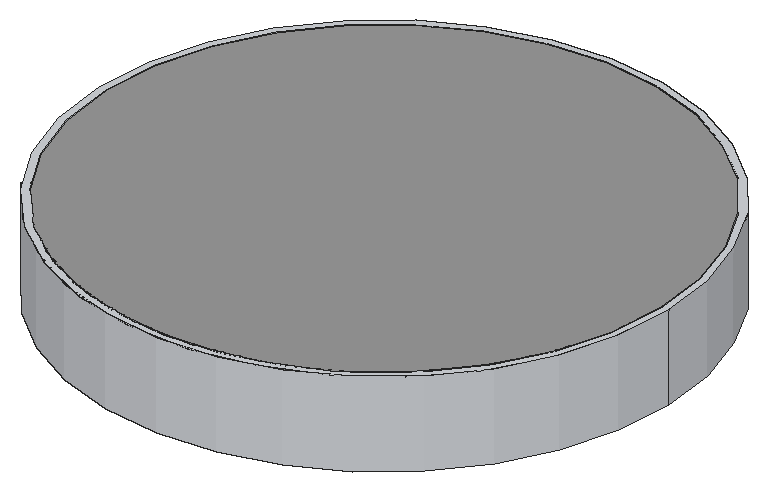
Revit family "2071103", category Lighting Fixtures, host Face, Revit 2018
Family settings
  Host = Face
  Round Connector Dimension = Use Diameter
  Part Type = Normal
  OmniClass Number = 23.80.70.00
  OmniClass Title = Lighting
  Cut with Voids When Loaded = No
  Light Source = Yes
  Shared = No
  Room Calculation Point = No
Parameters (values of type "2071103 COLOSSAL 400 830 OP DIR WHT DALI")
  iner diameter = 390 mm
  Weight = "n/a"
  Wattage Comments = ""
  Wattage = 30 W
  WarrantyStartDate [instance] = "n/a"
  WarrantyGuarantorParts = "n/a"
  WarrantyDurationUnit = "n/a"
  WarrantyDurationParts = ""
  WarrantyDescription = "http://www.sylvania-lighting.com"
  built-in parameter 1150110 = 1 (stored number, unit not read)
  Voltage = 230 V
  URL = "0.95"
  TypeName = "COLOSSAL 400mm 830 OPAL DIR WHITE DALI"
  Type Image = <None>
  Type Comments = "n/a"
  built-in parameter 1114217 = 1 (stored number, unit not read)
  Tilt Angle = -90.00°
  built-in parameter 1150109 = 1 (stored number, unit not read)
  built-in parameter 1150134 = (empty or 0)
  built-in parameter 1150113 = 1 (stored number, unit not read)
  SerialNumber [instance] = "n/a"
  Photometric Web File = "2071103.ies"
  Material_3_SYL = LED-Sylvania
  PowerFactor = 0
  PowerConsumption = "Lighting"
  NominalLength = 400 mm
  NominalHeight = 93 mm
  NominalDepth = 400 mm
  Name = "COLOSSAL 400mm 830 OPAL DIR WHITE DALI"
  ModelReference = Name  # "COLOSSAL 400mm 830 OPAL DIR WHITE DALI"
  ModelNumber = "2071103"
  Model = Name  # "COLOSSAL 400mm 830 OPAL DIR WHITE DALI"
  Material = "Feilo Sylvania"
  ManufacturerName = "119 lm/W"
  Manufacturer = ""
  LuminousEfficacy = ""
  built-in parameter 1150105 = 270.44 (stored number, unit not read)
  Lumens = 3398.4 lm
  LuminaireType = "0"
  built-in parameter 1150115 = 1 (stored number, unit not read)
  LightOutputRatio = "LED"
  built-in parameter 1150137 = (empty or 0)
  built-in parameter 1150139 = (empty or 0)
  LampsType = Lamp  # "n/a"
  LampNominalLuminous = "3000 K"
  LampMacAdamStep = "80"
  LampColourTemperature = "LED"
  LampColourRenderingIndex = "16500"
  built-in parameter 1150112 = 1 (stored number, unit not read)
  built-in parameter 1150114 = 1 (stored number, unit not read)
  Lamp = "n/a"
  Keynote = "n/a"
  InstallationDate [instance] = "n/a"
  InputVoltage = "0"
  InputNominalFrequency = "3000"
  built-in parameter 1150132 = (empty or 0)
  built-in parameter 1150102 = (empty or 0)
  built-in parameter 1150107 = 3000 (stored number, unit not read)
  built-in parameter 1150138 = (empty or 0)
  IngressProtection = "IfcLightFixtureType"
  ImpactProtectionIndex = "IfcLightFixtureType"
  built-in parameter 1150106 = 2.7044 (stored number, unit not read)
  IfcExportType = "IfcLightFixtureType"
  IfcExportAs = "Class I"
  Emit from Circle Diameter = 385 mm
  Emit Shape Visible in Rendering = no
  ElectricShockClassification = "119"
  built-in parameter 1150104 = 10.524 (stored number, unit not read)
  DocumentationLiterature = "http://www.sylvania-lighting.com/product/en-int/products/2071103"
  DimmingControlOptions = "n/a"
  Material_2_SYL = Polycarbonate_Sylvania_White
  Dimming Lamp Color Temperature Shift = <None>
  Description = "400mm diameter circular architectural luminaire, can be surface mounted or suspended. Powder coated aluminium housing (RAL9016) with polycarbonate opal diffuser. Direct light distribution, 2460lm luminuous flux, 20.7W system power, 119lm/W luminiaire efficacy. DALI dimmable. Colour rendering index Ra >80, 3000K Warm White LED, chromaticity tolerance of 3-step MacAdam ellipse. IP40, IK03. 450mA drive current. Electrical protection Class1, 220-240V. Reported lifetime 66k hours L90B10."
  Default Elevation = 1219.2 mm
  CreatedOn = "22/03/2022"
  CreatedBy = "@sylvania-lighting.com"
  Cost = 0
  Color Filter = 16777215
  built-in parameter 1114216 [instance] = (empty or 0)
  ClassificationValue = "EF_70_80"
  ClassificationName = "Uniclass2015"
  Material_1_SYL = Polycarbonate_Sylvania_Opal
  BarCode [instance] = "n/a"
  built-in parameter 1114218 = 1 (stored number, unit not read)
  built-in parameter 1150133 = 10 (stored number, unit not read)
  AssetType = "Fixed"
  AssetIdentifier [instance] = "n/a"
  Assembly Code = "D5020200"
  Apparent Load = 20.7 VA
  Material_4_SYL = none
Reference planes
  plane 1 "Center (Front/Back)": y = 0
  plane 2: z = 0
  plane 3 "Center (Left/Right)": x = 0
  plane 4: x = -200
  plane 5: x = 200
  plane 6: y = 200
  plane 7: y = -200
  plane 8: y = 236
  plane 9: y = -236
  plane 10: z = 93
  plane 11: y = 195
  plane 12: y = -195
  plane 13: y = 90.5
  plane 14: y = 144.5
  plane 15: through (52.25, 90.5, 1219.2) normal (0.866, 0.5, 0)
  plane 16: through (52.25, 90.5, 1219.2) normal (0.866, 0.5, 0)
  plane 17: through (63.706, 126.657, 1219.2) normal (0.866, 0.5, 0)
  plane 18: through (-104.5, 0, 1219.2) normal (-0.866, 0.5, 0)
  plane 19: through (-142.394, -9.633, 1219.2) normal (-0.866, 0.5, 0)
  plane 20: y = -90.5
  plane 21: y = -118.5
  plane 22: through (85.371, -141.133, 1219.2) normal (-0.866, 0.5, 0)
  plane 23: through (52.25, -90.5, 1219.2) normal (-0.866, 0.5, 0)
  plane 24: through (-161.658, 0, 1219.2) normal (0.866, 0.5, 0)
  plane 25: through (-172.12, 9.121, 1219.2) normal (0.866, 0.5, 0)
  plane 26: through (-104.5, 0, 1219.2) normal (0.866, 0.5, 0)
Forms (mm)
  Extrusion 1, solid, detail levels medium+fine
    sketch origin (0, 0, 0) x (1, 0, 0) y (0, 1, 0)
      loop
        circle (0, 0) r 200
    from 33.023 to 93
  Extrusion 2, void
    sketch origin (0, 0, 0) x (1, 0, 0) y (0, 1, 0)
      loop
        circle (0, 0) r 195
    from 93 to 37.292
  Extrusion 3, solid, material "Glass, White, High Luminance", detail levels fine
    sketch origin (0, 0, 0) x (1, 0, 0) y (0, 1, 0)
      loop
        circle (0, 0) r 195
    from 88.026 to 93
  Extrusion 4, solid, detail levels coarse
    sketch origin (0, 0, 0) x (1, 0, 0) y (0, 1, 0)
      loop
        line (-200, 200) -> (-200, -200) -> (200, -200) -> (200, 200) -> (-200, 200)
    from 0 to 93
  Blend 5, solid, detail levels medium+fine
    base sketch origin (0, 0, 0) x (1, 0, 0) y (0, 1, 0)
      loop
        line (-52.25, 90.5) -> (-104.5, 0) -> (-52.25, -90.5) -> (52.25, -90.5) -> (104.5, 0) -> (52.25, 90.5) -> (-52.25, 90.5)
    top sketch origin (0, 0, 0) x (1, 0, 0) y (0, 1, 0)
      loop
        line (-53.405, 144.5) -> (-149.245, -21.5) -> (-93.242, -118.5) -> (98.438, -118.5) -> (151.843, -26) -> (53.405, 144.5) -> (-53.405, 144.5)
    from 0 to 33.023
Cuts and joins
  Extrusion 2 cuts Extrusion 1
Dimensions and locks
  "NominalDepth": plane 6 to plane 7
  "NominalLength": plane 4 to plane 5
  equal spacing: plane 4, plane 3 "Center (Left/Right)", plane 5
  "iner diameter": plane 11 to plane 12
  equal spacing: plane 11, plane 1 "Center (Front/Back)", plane 12
  equal spacing: plane 6, plane 1 "Center (Front/Back)", plane 7
  "NominalHeight": plane 10 to level
  plane 19 to plane 18 = 28 mm
  radius of Extrusion 2 sketch curve = 195 mm
  aligned and locked: plane 2 to host face
  aligned and locked: level to host face
Automatic sketch dimensions
  host sketch curve to host sketch curve = 2438.4 mm  (x2)
  plane 1 "Center (Front/Back)" to Extrusion 1 sketch curve = 0 mm
  Extrusion 1 sketch curve to plane 3 "Center (Left/Right)" = 0 mm
  plane 1 "Center (Front/Back)" to Extrusion 2 sketch curve = 0 mm
  Extrusion 2 sketch curve to plane 3 "Center (Left/Right)" = 0 mm
  plane 1 "Center (Front/Back)" to Extrusion 3 sketch curve = 0 mm
  Extrusion 3 sketch curve to plane 3 "Center (Left/Right)" = 0 mm
  Extrusion 4 sketch curve to plane 4 = 0 mm
  Extrusion 4 sketch curve to plane 5 = 0 mm
  Extrusion 4 sketch curve to plane 7 = 0 mm
  Extrusion 4 sketch curve to plane 6 = 0 mm
  Blend 5 sketch curve to plane 19 = 0 mm  (x2)
  Blend 5 sketch curve to plane 24 = 0 mm  (x2)
  Blend 5 sketch curve to plane 21 = 0 mm
  Blend 5 sketch curve to plane 14 = 0 mm
  Blend 5 sketch curve to plane 17 = 0 mm  (x2)
  Blend 5 sketch curve to plane 22 = 0 mm  (x2)
  radius of Extrusion 1 sketch curve = 200 mm
  radius of Extrusion 3 sketch curve = 195 mm
Connectors
  electrical at (0, 0, 0), driven by "Apparent Load", driven by "PowerFactor", driven by "Voltage"
    settings: index 1, voltage 230 V, apparent load 20.7 VA, apparent load phase1 0 VA, apparent load phase2 0 VA, apparent load phase3 0 VA, power factor 0, load classification "Lighting", number of poles 1, system type 30, power factor state 1, is connector primary yes, connector utility no, sub classification motor no, connector description ""
